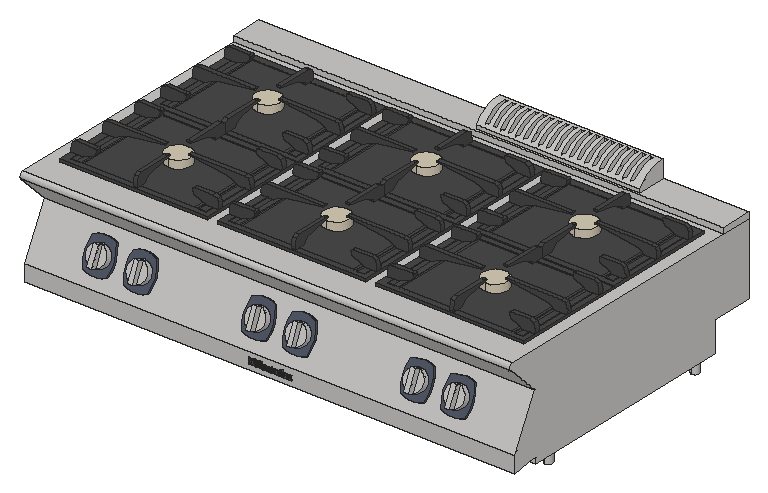
Revit family "QF_ELECTROLUXPROFESSIONAL_371004_E7GCGL6C00", category Specialty Equipment, Revit 2018 (continued)
Automatic sketch dimensions
  plane 1 "BACK" to curve 47 = 6.761 mm
  plane 1 "BACK" to curve 41 = 6.761 mm
  plane 1 "BACK" to curve 51 = 6.761 mm
  plane 1 "BACK" to curve 37 = 6.761 mm
  plane 1 "BACK" to curve 55 = 6.761 mm
  plane 1 "BACK" to curve 33 = 6.761 mm
  plane 1 "BACK" to curve 59 = 6.761 mm
  plane 1 "BACK" to curve 29 = 6.761 mm
  plane 1 "BACK" to curve 63 = 6.761 mm
  plane 1 "BACK" to curve 25 = 6.761 mm
  plane 1 "BACK" to curve 67 = 6.761 mm
  plane 1 "BACK" to curve 21 = 6.761 mm
  plane 1 "BACK" to curve 71 = 6.761 mm
  plane 1 "BACK" to curve 17 = 6.761 mm
  plane 1 "BACK" to curve 75 = 6.761 mm
  plane 1 "BACK" to curve 13 = 6.761 mm
  plane 1 "BACK" to curve 79 = 6.761 mm
  plane 1 "BACK" to curve 89 = 6.761 mm
  plane 1 "BACK" to curve 83 = 6.761 mm
  curve 9 to plane 1 "BACK" = 150 mm
  Extrusion 1 to Extrusion 4 sketch curve = 100 mm
  plane 5 "FRONT" to curve 1 = 0.129 mm
  radius of Extrusion 4 sketch curve = 6.35 mm
  radius of Extrusion 7 sketch curve = 25.4 mm
  radius of Extrusion 8 sketch curve to Extrusion 7 = 0 mm  (x2)
  radius of Extrusion 10 sketch curve = 25.4 mm
  radius of Extrusion 11 sketch curve to Extrusion 10 = 0 mm  (x2)
  radius of Extrusion 14 sketch curve = 25.4 mm
  radius of Extrusion 15 sketch curve to Extrusion 14 = 0 mm  (x2)
  radius of Extrusion 17 sketch curve = 25.4 mm
  radius of Extrusion 18 sketch curve to Extrusion 17 = 0 mm  (x2)
  radius of Extrusion 20 sketch curve = 25.4 mm
  radius of Extrusion 21 sketch curve to Extrusion 20 = 0 mm  (x2)
  radius of Extrusion 23 sketch curve = 25.4 mm
  radius of Extrusion 24 sketch curve to Extrusion 23 = 0 mm  (x2)
Nested families
  nested 1: "371009_BURNER" at (24.358, -6.2, -576.213), type "371009_BURNER"
    with Type Mark "", Status "", Specification by User "", Revision Code "", Item Number "", Installed By "", Identify Quantity as Lot yes, Furnished By "", Foodservice Equipment Identifier yes
  nested 2: "371009_BURNER" at (24.358, -740.327, -576.213), type "371009_BURNER"
    with Type Mark "", Status "", Specification by User "", Revision Code "", Item Number "", Installed By "", Identify Quantity as Lot yes, Furnished By "", Foodservice Equipment Identifier yes
  nested 3: "371009_BURNER" at (412.5, -6.2, -576.213), type "371009_BURNER"
    with Type Mark "", Status "", Specification by User "", Revision Code "", Item Number "", Installed By "", Identify Quantity as Lot yes, Furnished By "", Foodservice Equipment Identifier yes
  nested 4: "371009_BURNER" at (412.5, -740.327, -576.213), type "371009_BURNER"
    with Type Mark "", Status "", Specification by User "", Revision Code "", Item Number "", Installed By "", Identify Quantity as Lot yes, Furnished By "", Foodservice Equipment Identifier yes
  nested 5: "371009_BURNER" at (1175.642, -6.2, -576.213) x (-1, 0, 0) z (0, 0, 1), type "371009_BURNER"
    with Type Mark "", Status "", Specification by User "", Revision Code "", Item Number "", Installed By "", Identify Quantity as Lot yes, Furnished By "", Foodservice Equipment Identifier yes
  nested 6: "371009_BURNER" at (1175.642, -740.327, -576.213) x (-1, 0, 0) z (0, 0, 1), type "371009_BURNER"
    with Type Mark "", Status "", Specification by User "", Revision Code "", Item Number "", Installed By "", Identify Quantity as Lot yes, Furnished By "", Foodservice Equipment Identifier yes
Connectors
  piping at (1100, -76.2, 60.325), diameter 12.8
    settings: on Extrusion 4, index 1, connector inside diameter 0.50394", connector length 0 mm, flow factor 0, pipe flow 0 GPM, pressure drop 0.00 psi, fitting loss kfactor 0, connector angle 0.00°, fixture units 0, engagement length 0 mm, angle of deflection 0.00°, flow configuration 1, flow direction 1, fitting loss method 0, system type 7, joint type 0, gender type 0, connector reference index -1, connector utility 0, adjustable connector no, is connector primary yes, connector description "Gas Inlet"
Definition of nested family "371009_BURNER"
  Parameters
    Weight in Pounds = 0
    URL Cutsheet = ""
    URL = "www.electrolux.com"
    Type Mark [instance] = ""
    Status [instance] = ""
    Specification by User [instance] = ""
    Specification by Manufacturer = ""
    Serial Number = ""
    Seismic Rating = ""
    SMACNA No = ""
    Revision Code [instance] = ""
    Omniclass Number and Title = ""
    NAFEM Spec ID Number = ""
    Model = "371009"
    Masterspec = ""
    Manufacturer = "ELECTROLUX"
    Item Number [instance] = ""
    Installed By [instance] = ""
    Identify Quantity as Lot [instance] = yes
    Furnished By [instance] = ""
    Foodservice Equipment Identifier [instance] = yes
    Description = ""
    CSI MasterFormat = ""
    CSI Master Format = ""
  Reference planes
    plane 1 "BACK": y = 0
    plane 2: z = 0
    plane 3 "LEFT": x = 0
    plane 4 "RIGHT": x = 800
    plane 5 "FRONT": y = -700
    plane 6 "TOP": z = 908.85
    plane 7 "Center Y": x = 400
    plane 8 "Center X": y = -350
    plane 9 "Base": z = 150
    plane 10: z = 850.85
  Forms (mm)
    Extrusion 1, solid
      sketch origin (0, -734.127, 5) x (1, 0, 0) y (0, 0, -1)
        loop
          arc (7.142, -850.85) -> (6.739, -862.989) -> (9.761, -874.752) r 42.809
          line (9.761, -874.752) -> (19.961, -879.425) -> (157.339, -879.425)
          arc (157.339, -879.425) -> (158.533, -878.312) -> (157.506, -877.043) r 1.197
          line (157.506, -877.043) -> (64.848, -864.021)
          arc (64.848, -864.021) -> (50.111, -858.738) -> (36.589, -850.85) r 85.245
          line (36.589, -850.85) -> (7.142, -850.85)
        loop
          line (367.858, -850.85) -> (338.411, -850.85)
          arc (338.411, -850.85) -> (324.889, -858.738) -> (310.152, -864.021) r 85.245
          line (310.152, -864.021) -> (217.494, -877.043)
          arc (217.494, -877.043) -> (216.467, -878.312) -> (217.661, -879.425) r 1.197
          line (217.661, -879.425) -> (355.039, -879.425) -> (365.239, -874.752)
          arc (365.239, -874.752) -> (368.261, -862.989) -> (367.858, -850.85) r 42.809
      from 224.564 to 234.564
    Extrusion 2, solid
      sketch origin (0, -734.127, 5) x (1, 0, 0) y (0, 0, -1)
        loop
          arc (7.056, -850.85) -> (6.705, -862.948) -> (9.748, -874.663) r 42.876
          line (9.748, -874.663) -> (19.961, -879.425) -> (65.851, -879.425)
          arc (65.851, -879.425) -> (68.577, -878.352) -> (69.841, -875.709) r 4
          arc (69.841, -875.709) -> (68.75, -869.25) -> (64.816, -864.012) r 13.87
          arc (64.816, -864.012) -> (50.096, -858.731) -> (36.589, -850.85) r 85.245
          line (36.589, -850.85) -> (7.056, -850.85)
        loop
          line (367.944, -850.85) -> (338.411, -850.85)
          arc (338.411, -850.85) -> (324.904, -858.731) -> (310.184, -864.012) r 85.245
          arc (310.184, -864.012) -> (306.25, -869.25) -> (305.159, -875.709) r 13.87
          arc (305.159, -875.709) -> (306.423, -878.352) -> (309.149, -879.425) r 4
          line (309.149, -879.425) -> (355.039, -879.425) -> (365.252, -874.663)
          arc (365.252, -874.663) -> (368.295, -862.948) -> (367.944, -850.85) r 42.876
      from 127.064 to 137.064
    Extrusion 3, solid
      sketch origin (0, -275, 5) x (1, 0, 0) y (0, 0, 1)
        loop
          arc (64.816, 864.012) -> (68.75, 869.25) -> (69.841, 875.709) r 13.87
          arc (69.841, 875.709) -> (68.577, 878.352) -> (65.851, 879.425) r 4
          line (65.851, 879.425) -> (19.961, 879.425) -> (9.748, 874.663)
          arc (9.748, 874.663) -> (6.705, 862.948) -> (7.056, 850.85) r 42.876
          line (7.056, 850.85) -> (36.589, 850.85)
          arc (36.589, 850.85) -> (50.096, 858.731) -> (64.816, 864.012) r 85.245
        loop
          arc (310.184, 864.012) -> (324.904, 858.731) -> (338.411, 850.85) r 85.245
          line (338.411, 850.85) -> (367.944, 850.85)
          arc (367.944, 850.85) -> (368.295, 862.948) -> (365.252, 874.663) r 42.876
          line (365.252, 874.663) -> (355.039, 879.425) -> (309.149, 879.425)
          arc (309.149, 879.425) -> (306.423, 878.352) -> (305.159, 875.709) r 4
          arc (305.159, 875.709) -> (306.25, 869.25) -> (310.184, 864.012) r 13.87
      from 127.064 to 137.064
    Extrusion 4, solid
      sketch origin (454.964, -29.48, 5) x (0, -1, 0) y (0, 0, 1)
        loop
          arc (366.649, 850.85) -> (375.927, 861.743) -> (389.337, 866.736) r 28.426
          line (389.337, 866.736) -> (441.256, 877.043)
          arc (441.256, 877.043) -> (442.283, 878.312) -> (441.089, 879.425) r 1.197
          line (441.089, 879.425) -> (347.797, 879.425)
          arc (347.797, 879.425) -> (343.211, 875.934) -> (337.583, 874.694) r 13.39
          line (337.583, 874.694) -> (337.583, 850.85) -> (366.649, 850.85)
        loop
          arc (606.236, 850.85) -> (606.587, 862.948) -> (603.543, 874.663) r 42.876
          line (603.543, 874.663) -> (593.33, 879.425) -> (509.077, 879.425)
          arc (509.077, 879.425) -> (507.883, 878.312) -> (508.911, 877.043) r 1.197
          line (508.911, 877.043) -> (560.83, 866.736)
          arc (560.83, 866.736) -> (574.239, 861.743) -> (583.518, 850.85) r 28.426
          line (583.518, 850.85) -> (606.236, 850.85)
      from 262.464 to 272.464
    Extrusion 5, solid
      sketch origin (0, 0, 850.85) x (0, -1, 0) y (1, 0, 0)
        loop
          line (642.216, 6.433) -> (642.216, 368.567) -> (367.857, 368.567) -> (367.857, 6.433) -> (642.216, 6.433)
        loop
          line (382.857, 21.433) -> (627.216, 21.433) -> (627.216, 353.567) -> (382.857, 353.567) -> (382.857, 21.433)
      from 0 to 5
    Extrusion 6, solid
      sketch origin (-12.5, 0, 855.85) x (0, -1, 0) y (1, 0, 0)
        loop
          circle (504.356, 200) r 30
      from -1.321 to 17.134
    Extrusion 7, solid
      sketch origin (0, -734.127, 0) x (1, 0, 0) y (0, 0, -1)
        loop
          line (21.433, -855.85) -> (36.589, -855.85)
          arc (36.589, -855.85) -> (40.561, -855.243) -> (44.305, -853.783) r 18.259
          arc (44.305, -853.783) -> (45.997, -853.366) -> (47.69, -853.783) r 3.649
          arc (47.69, -853.783) -> (49.901, -854.522) -> (52.232, -854.529) r 7.328
          line (52.232, -854.529) -> (322.768, -854.529)
          arc (322.768, -854.529) -> (325.099, -854.522) -> (327.31, -853.783) r 7.328
          arc (327.31, -853.783) -> (329.003, -853.366) -> (330.695, -853.783) r 3.649
          arc (330.695, -853.783) -> (334.439, -855.243) -> (338.411, -855.85) r 18.259
          line (338.411, -855.85) -> (353.567, -855.85) -> (353.567, -850.85) -> (21.433, -850.85) -> (21.433, -855.85)
      from 106.911 to 351.27
  Lines and regions (mm)
    symbolic lines
      curve 1: line (6.433, -642.216, 150) -> (368.567, -642.216, 150)
      curve 2: line (6.433, -367.857, 150) -> (6.433, -642.216, 150)
      curve 3: line (368.567, -367.857, 150) -> (192.5, -367.857, 150)
      curve 4: line (368.567, -642.216, 150) -> (368.567, -367.857, 150)
      curve 5: line (353.567, -382.857, 150) -> (192.5, -382.857, 150)
      curve 6: line (353.567, -627.216, 150) -> (353.567, -607.064, 150)
      curve 7: line (21.433, -627.216, 150) -> (182.5, -627.216, 150)
      curve 8: line (21.433, -382.857, 150) -> (21.433, -402.064, 150)
      curve 9: line (52.232, -627.216, 150) -> (52.232, -607.064, 150)
      curve 10: line (322.567, -382.857, 150) -> (322.567, -402.064, 150)
      curve 11: line (148.125, -499.564, 150) -> (148.125, -382.857, 150)
      curve 12: line (154.375, -382.857, 150) -> (154.375, -499.564, 150)
      curve 13: arc (148.297, -509.564, 150) -> (159.191, -533.254, 150) -> (182.5, -544.942, 150) r 39.375
      curve 14: arc (220.42, -509.564, 150) -> (211.39, -528.832, 150) -> (192.5, -538.631, 150) r 33.125
      curve 15: line (220.625, -382.857, 150) -> (220.625, -499.564, 150)
      curve 16: line (226.875, -499.564, 150) -> (226.875, -382.857, 150)
      curve 17: line (192.5, -636.339, 150) -> (192.5, -535.619, 150)
      curve 18: arc (182.657, -474.75, 150) -> (166.195, -483.236, 150) -> (157.853, -499.771, 150) r 30
      curve 19: arc (192.224, -533.982, 150) -> (208.621, -525.661, 150) -> (217.084, -509.337, 150) r 30
      curve 20: line (368.567, -597.064, 150) -> (305.159, -597.064, 150)
      curve 21: line (6.433, -607.064, 150) -> (69.841, -607.064, 150)
      curve 22: line (6.433, -509.564, 150) -> (156.429, -509.564, 150)
      curve 23: line (368.567, -499.564, 150) -> (218.571, -499.564, 150)
      curve 24: line (6.433, -412.064, 150) -> (69.841, -412.064, 150)
      curve 25: line (368.567, -402.064, 150) -> (305.159, -402.064, 150)
      curve 26: line (69.841, -597.064, 150) -> (6.433, -597.064, 150)
      curve 27: line (305.159, -607.064, 150) -> (368.567, -607.064, 150)
      curve 28: line (69.841, -402.064, 150) -> (6.433, -402.064, 150)
      curve 29: line (305.159, -412.064, 150) -> (368.567, -412.064, 150)
      curve 30: arc (69.841, -597.064, 150) -> (74.841, -602.064, 150) -> (69.841, -607.064, 150) r 5
      curve 31: arc (305.159, -607.064, 150) -> (300.159, -602.064, 150) -> (305.159, -597.064, 150) r 5
      curve 32: arc (69.841, -402.064, 150) -> (74.841, -407.064, 150) -> (69.841, -412.064, 150) r 5
      curve 33: arc (305.159, -412.064, 150) -> (300.159, -407.064, 150) -> (305.159, -402.064, 150) r 5
      curve 34: line (21.433, -412.064, 150) -> (21.433, -499.564, 150)
      curve 35: line (52.232, -402.064, 150) -> (52.232, -382.857, 150)
      curve 36: line (21.433, -509.564, 150) -> (21.433, -597.064, 150)
      curve 37: line (52.232, -499.564, 150) -> (52.232, -412.064, 150)
      curve 38: line (52.232, -597.064, 150) -> (52.232, -509.564, 150)
      curve 39: line (21.433, -607.064, 150) -> (21.433, -627.216, 150)
      curve 40: line (322.567, -607.064, 150) -> (322.567, -627.216, 150)
      curve 41: line (353.567, -597.064, 150) -> (353.567, -509.564, 150)
      curve 42: line (322.567, -509.564, 150) -> (322.567, -597.064, 150)
      curve 43: line (353.567, -499.564, 150) -> (353.567, -412.064, 150)
      curve 44: line (353.567, -402.064, 150) -> (353.567, -382.857, 150)
      curve 45: line (322.567, -412.064, 150) -> (322.567, -499.564, 150)
      curve 46: line (156.429, -499.564, 150) -> (6.433, -499.564, 150)
      curve 47: line (218.571, -509.564, 150) -> (368.567, -509.564, 150)
      curve 48: arc (218.571, -499.564, 150) -> (213.571, -504.564, 150) -> (218.571, -509.564, 150) r 5
      curve 49: arc (156.429, -499.564, 150) -> (161.429, -504.564, 150) -> (156.429, -509.564, 150) r 5
      curve 50: arc (157.916, -509.337, 150) -> (166.379, -525.661, 150) -> (182.776, -533.982, 150) r 30
      curve 51: arc (217.147, -499.771, 150) -> (208.805, -483.236, 150) -> (192.343, -474.75, 150) r 30
      curve 52: line (182.5, -535.619, 150) -> (182.5, -636.339, 150)
      curve 53: line (192.5, -473.508, 150) -> (192.5, -367.064, 150)
      curve 54: arc (192.5, -535.619, 150) -> (187.5, -530.619, 150) -> (182.5, -535.619, 150) r 5
      curve 55: arc (192.5, -473.508, 150) -> (187.5, -478.508, 150) -> (182.5, -473.508, 150) r 5
      curve 56: line (182.5, -367.857, 150) -> (6.433, -367.857, 150)
      curve 57: line (182.5, -382.857, 150) -> (21.433, -382.857, 150)
      curve 58: arc (192.5, -404.571, 150) -> (196.398, -417.071, 150) -> (192.5, -429.571, 150) r 21.993
      curve 59: arc (196.181, -420.148, 150) -> (199.482, -417.071, 150) -> (196.181, -413.995, 150) r 3.084
      curve 60: arc (182.5, -404.571, 150) -> (178.602, -417.071, 150) -> (182.5, -429.571, 150) r 21.993
      curve 61: arc (178.819, -420.148, 150) -> (175.518, -417.071, 150) -> (178.819, -413.995, 150) r 3.084
      curve 62: line (182.5, -367.064, 150) -> (182.5, -473.508, 150)
      curve 63: arc (182.5, -538.631, 150) -> (163.61, -528.832, 150) -> (154.58, -509.564, 150) r 33.125
      curve 64: arc (192.5, -544.942, 150) -> (215.809, -533.254, 150) -> (226.703, -509.564, 150) r 39.375
      curve 65: line (182.5, -636.339, 150) -> (192.5, -636.339, 150)
      curve 66: line (182.5, -377.277, 150) -> (192.5, -377.277, 150)
      curve 67: line (182.5, -367.064, 150) -> (192.5, -367.064, 150)
      curve 68: line (192.5, -627.216, 150) -> (353.567, -627.216, 150)
  Dimensions and locks
    equal spacing: plane 3 "LEFT", plane 7 "Center Y", plane 4 "RIGHT"
    plane 3 "LEFT" to plane 4 "RIGHT" = 800 mm
    equal spacing: plane 5 "FRONT", plane 8 "Center X", plane 1 "BACK"
    plane 5 "FRONT" to plane 1 "BACK" = 700 mm
    plane 6 "TOP" to level = 908.85 mm
    plane 9 "Base" to level = 150 mm
    plane 6 "TOP" to plane 10 = 58 mm  (x2)
    aligned and locked: level to plane 2
  Automatic sketch dimensions
    Extrusion 5 sketch curve to Extrusion 5 sketch curve = 15 mm  (x2)
    Extrusion 5 sketch curve to Extrusion 5 sketch curve = 332.134 mm
    plane 3 "LEFT" to Extrusion 2 sketch curve = 7.056 mm
    plane 3 "LEFT" to Extrusion 2 sketch curve = 9.748 mm
    Extrusion 2 sketch curve to Extrusion 2 sketch curve = 10.213 mm  (x2)
    plane 10 to Extrusion 2 sketch curve = 5 mm  (x2)
    Extrusion 2 sketch curve to Extrusion 2 sketch curve = 29.533 mm
    Extrusion 2 sketch curve to Extrusion 2 sketch curve = 12.72 mm  (x2)
    Extrusion 2 sketch curve to Extrusion 2 sketch curve = 6.697 mm
    Extrusion 2 sketch curve to Extrusion 2 sketch curve = 8.81 mm
    Extrusion 2 sketch curve to Extrusion 2 sketch curve = 9.845 mm  (x2)
    Extrusion 2 sketch curve to Extrusion 2 sketch curve = 3.99 mm  (x2)
    Extrusion 2 sketch curve to Extrusion 2 sketch curve = 0 mm  (x2)
    Extrusion 2 sketch curve to Extrusion 2 sketch curve = 36.813 mm
    Extrusion 2 sketch curve to plane 7 "Center Y" = 111.122 mm
    Extrusion 2 sketch curve to plane 6 "TOP" = 28.141 mm
    Extrusion 2 sketch curve to plane 7 "Center Y" = 94.841 mm
    Extrusion 2 sketch curve to Extrusion 2 sketch curve = 1.035 mm
    Extrusion 2 sketch curve to Extrusion 2 sketch curve = 15.507 mm
    Extrusion 2 sketch curve to Extrusion 2 sketch curve = 16.628 mm
    Extrusion 2 sketch curve to Extrusion 2 sketch curve = 2.692 mm
    Extrusion 2 sketch curve to plane 6 "TOP" = 24.425 mm
    Extrusion 2 sketch curve to Extrusion 2 sketch curve = 28.575 mm
    Extrusion 2 sketch curve to Extrusion 2 sketch curve = 3.716 mm
    Extrusion 2 sketch curve to Extrusion 2 sketch curve = 4.763 mm  (x2)
    plane 3 "LEFT" to Extrusion 1 sketch curve = 7.142 mm
    plane 3 "LEFT" to Extrusion 1 sketch curve = 9.761 mm
    Extrusion 1 sketch curve to Extrusion 1 sketch curve = 10.201 mm  (x2)
    plane 10 to Extrusion 1 sketch curve = 5 mm  (x2)
    Extrusion 1 sketch curve to Extrusion 1 sketch curve = 29.447 mm
    Extrusion 1 sketch curve to Extrusion 1 sketch curve = 12.704 mm  (x2)
    Extrusion 1 sketch curve to Extrusion 1 sketch curve = 15.555 mm  (x2)
    Extrusion 1 sketch curve to Extrusion 1 sketch curve = 36.829 mm
    Extrusion 1 sketch curve to plane 6 "TOP" = 24.425 mm  (x2)
    Extrusion 1 sketch curve to Extrusion 1 sketch curve = 92.491 mm
    Extrusion 1 sketch curve to plane 6 "TOP" = 26.807 mm  (x2)
    Extrusion 1 sketch curve to Extrusion 1 sketch curve = 0.167 mm  (x2)
    Extrusion 1 sketch curve to Extrusion 1 sketch curve = 59.988 mm
    Extrusion 1 sketch curve to plane 7 "Center Y" = 111.122 mm
    plane 10 to Extrusion 1 sketch curve = 18.171 mm
    Extrusion 1 sketch curve to Extrusion 1 sketch curve = 21.274 mm
    Extrusion 1 sketch curve to Extrusion 1 sketch curve = 16.628 mm
    Extrusion 1 sketch curve to Extrusion 1 sketch curve = 2.618 mm
    Extrusion 1 sketch curve to Extrusion 1 sketch curve = 4.673 mm  (x2)
    Extrusion 1 sketch curve to Extrusion 1 sketch curve = 5.694 mm
    plane 3 "LEFT" to Extrusion 3 sketch curve = 7.056 mm
    plane 3 "LEFT" to Extrusion 3 sketch curve = 9.748 mm
    Extrusion 3 sketch curve to Extrusion 3 sketch curve = 10.213 mm  (x2)
    plane 10 to Extrusion 3 sketch curve = 5 mm  (x2)
    Extrusion 3 sketch curve to Extrusion 3 sketch curve = 29.533 mm
    Extrusion 3 sketch curve to Extrusion 3 sketch curve = 12.72 mm  (x2)
    Extrusion 3 sketch curve to Extrusion 3 sketch curve = 6.697 mm
    Extrusion 3 sketch curve to Extrusion 3 sketch curve = 8.81 mm
    Extrusion 3 sketch curve to Extrusion 3 sketch curve = 9.845 mm  (x2)
    Extrusion 3 sketch curve to Extrusion 3 sketch curve = 3.99 mm  (x2)
    Extrusion 3 sketch curve to Extrusion 3 sketch curve = 0 mm  (x2)
    Extrusion 3 sketch curve to Extrusion 3 sketch curve = 36.813 mm
    Extrusion 3 sketch curve to plane 7 "Center Y" = 111.122 mm
    Extrusion 3 sketch curve to plane 6 "TOP" = 28.141 mm
    Extrusion 3 sketch curve to plane 7 "Center Y" = 94.841 mm
    Extrusion 3 sketch curve to Extrusion 3 sketch curve = 1.035 mm
    Extrusion 3 sketch curve to Extrusion 3 sketch curve = 15.507 mm
    Extrusion 3 sketch curve to Extrusion 3 sketch curve = 16.628 mm
    Extrusion 3 sketch curve to Extrusion 3 sketch curve = 2.692 mm
    Extrusion 3 sketch curve to plane 10 = 64.377 mm  (x2)
    plane 10 to Extrusion 3 sketch curve = 12.281 mm  (x2)
    Extrusion 3 sketch curve to Extrusion 3 sketch curve = 10.713 mm
    Extrusion 5 to Extrusion 6 sketch curve = 121.499 mm
    Extrusion 5 to Extrusion 6 sketch curve = 166.067 mm
    plane 3 "LEFT" to Extrusion 5 sketch curve = 21.433 mm
    Extrusion 5 sketch curve to plane 5 "FRONT" = 72.784 mm
    plane 3 "LEFT" to Extrusion 7 sketch curve = 21.433 mm
    Extrusion 7 sketch curve to Extrusion 7 sketch curve = 14.402 mm
    plane 10 to Extrusion 7 sketch curve = 5 mm
    plane 10 to Extrusion 7 sketch curve = 2.933 mm  (x4)
    Extrusion 7 sketch curve to Extrusion 7 sketch curve = 7.716 mm  (x2)
    Extrusion 7 sketch curve to Extrusion 7 sketch curve = 0 mm  (x2)
    Extrusion 7 sketch curve to Extrusion 7 sketch curve = 1.692 mm  (x2)
    Extrusion 7 sketch curve to Extrusion 7 sketch curve = 3.385 mm  (x2)
    Extrusion 7 sketch curve to plane 10 = 3.559 mm  (x2)
    Extrusion 7 sketch curve to Extrusion 7 sketch curve = 302.478 mm
    Extrusion 7 sketch curve to Extrusion 7 sketch curve = 15.253 mm
    Extrusion 7 sketch curve to Extrusion 7 sketch curve = 15.156 mm  (x2)
    Extrusion 7 sketch curve to Extrusion 7 sketch curve = 3.233 mm
    Extrusion 7 sketch curve to plane 10 = 0 mm
    Extrusion 7 sketch curve to plane 7 "Center Y" = 77.232 mm
    Extrusion 5 sketch curve to plane 8 "Center X" = 32.857 mm
    plane 3 "LEFT" to Extrusion 5 sketch curve = 6.433 mm
    plane 1 "BACK" to Extrusion 5 sketch curve = 367.857 mm
    plane 10 to Extrusion 4 sketch curve = 5 mm  (x2)
    Extrusion 4 sketch curve to Extrusion 4 sketch curve = 29.066 mm
    Extrusion 4 sketch curve to Extrusion 4 sketch curve = 22.688 mm
    Extrusion 4 sketch curve to plane 10 = 7.392 mm  (x2)
    Extrusion 4 sketch curve to Extrusion 4 sketch curve = 25.583 mm
    Extrusion 4 sketch curve to plane 6 "TOP" = 24.425 mm  (x2)
    Extrusion 4 sketch curve to Extrusion 4 sketch curve = 51.752 mm
    Extrusion 4 sketch curve to Extrusion 4 sketch curve = 0.167 mm  (x2)
    Extrusion 4 sketch curve to plane 6 "TOP" = 26.807 mm
    Extrusion 4 sketch curve to Extrusion 4 sketch curve = 67.655 mm
    Extrusion 4 sketch curve to Extrusion 4 sketch curve = 49.024 mm
    Extrusion 4 sketch curve to Extrusion 4 sketch curve = 2.895 mm
    Extrusion 4 sketch curve to Extrusion 4 sketch curve = 3.153 mm
    Extrusion 4 sketch curve to Extrusion 4 sketch curve = 19.535 mm
    Extrusion 4 sketch curve to Extrusion 4 sketch curve = 9.813 mm
    Extrusion 4 sketch curve to Extrusion 4 sketch curve = 10.213 mm
    Extrusion 4 sketch curve to Extrusion 4 sketch curve = 22.718 mm
    Extrusion 4 sketch curve to Extrusion 4 sketch curve = 8.605 mm
    Extrusion 4 sketch curve to Extrusion 4 sketch curve = 4.731 mm
    Extrusion 4 sketch curve to Extrusion 4 sketch curve = 2.382 mm
    Extrusion 4 sketch curve to Extrusion 4 sketch curve = 8.658 mm
    Extrusion 4 sketch curve to plane 8 "Center X" = 17.064 mm
    curve 13 to curve 14 = 0 mm  (x2)
    curve 13 to curve 63 = 0 mm  (x2)
    curve 13 to curve 64 = 0 mm  (x2)
    curve 18 to curve 19 = 0 mm  (x2)
    curve 18 to curve 50 = 0 mm  (x2)
    curve 18 to curve 51 = 0 mm  (x2)
    curve 25 to plane 7 "Center Y" = 31.433 mm
    curve 3 to curve 44 = 15 mm
    curve 43 to curve 44 = 0 mm
    curve 1 to curve 68 = 15 mm
    curve 41 to curve 43 = 0 mm
    curve 6 to curve 40 = 31 mm
    curve 41 to curve 42 = 31 mm
    curve 43 to curve 45 = 31 mm
    curve 10 to curve 45 = 0 mm
    curve 40 to curve 27 = 17.408 mm
    curve 45 to curve 29 = 17.408 mm
    curve 16 to curve 64 = 0.172 mm
    curve 16 to curve 15 = 6.25 mm
    curve 64 to curve 14 = 6.283 mm
    curve 15 to curve 23 = 2.054 mm
    curve 23 to curve 51 = 1.424 mm
    curve 47 to curve 19 = 1.487 mm
    curve 15 to curve 60 = 20.029 mm
    curve 60 to curve 59 = 4.198 mm
    curve 59 to curve 59 = 0.216 mm  (x2)
    curve 19 to curve 64 = 24.584 mm
    curve 55 to curve 51 = 0.157 mm
    curve 54 to curve 19 = 0.276 mm
    curve 19 to curve 64 = 4.724 mm
    curve 18 to curve 13 = 0 mm
    curve 54 to curve 54 = 5 mm
    curve 50 to curve 54 = 0.276 mm
    curve 18 to curve 55 = 0.157 mm
    curve 60 to curve 61 = 3.681 mm
    curve 61 to curve 61 = 0 mm
    curve 61 to curve 61 = 0.216 mm
    curve 61 to curve 58 = 4.198 mm
    curve 13 to curve 50 = 29.584 mm
    curve 50 to curve 18 = 0.064 mm
    curve 50 to curve 22 = 1.487 mm
    curve 22 to curve 63 = 1.849 mm
    curve 49 to curve 12 = 2.054 mm
    curve 63 to curve 13 = 6.283 mm
    curve 12 to curve 11 = 6.25 mm
    plane 3 "LEFT" to curve 30 = 69.841 mm
    plane 3 "LEFT" to curve 28 = 69.841 mm
    plane 3 "LEFT" to curve 38 = 52.232 mm
    curve 24 to curve 37 = 17.609 mm
    curve 9 to curve 38 = 0 mm
    curve 28 to curve 35 = 17.609 mm
    plane 3 "LEFT" to curve 39 = 21.433 mm
    plane 3 "LEFT" to curve 8 = 21.433 mm
    curve 34 to curve 8 = 0 mm
    curve 36 to curve 34 = 0 mm
    plane 3 "LEFT" to curve 21 = 6.433 mm
    curve 67 to curve 56 = 0.794 mm
    curve 67 to curve 3 = 0.794 mm
    curve 56 to curve 66 = 9.419 mm
    curve 10 to curve 33 = 19.206 mm
    curve 8 to curve 8 = 19.206 mm
    curve 57 to curve 60 = 21.714 mm
    curve 60 to curve 58 = 0 mm
    curve 28 to curve 32 = 5 mm
    curve 33 to curve 33 = 5 mm
    curve 58 to curve 59 = 9.423 mm
    curve 61 to curve 58 = 3.077 mm
    curve 60 to curve 62 = 43.937 mm
    curve 51 to curve 15 = 24.814 mm
    curve 23 to curve 51 = 0.207 mm
    curve 18 to curve 13 = 1.529 mm
    curve 38 to curve 38 = 87.5 mm
    curve 42 to curve 31 = 87.5 mm
    curve 26 to curve 30 = 5 mm
    curve 31 to curve 31 = 5 mm
    curve 9 to curve 9 = 20.152 mm
    curve 65 to plane 5 "FRONT" = 63.661 mm
    curve 6 to curve 4 = 15 mm
    curve 55 to curve 55 = 5 mm
    curve 53 to curve 18 = 5 mm
    curve 45 to curve 16 = 95.692 mm
    curve 2 to curve 57 = 15 mm
    curve 10 to plane 8 "Center X" = 32.857 mm
    curve 57 to plane 8 "Center X" = 32.857 mm
    curve 6 to curve 68 = 20.152 mm
    radius of Extrusion 6 sketch curve = 30 mm
